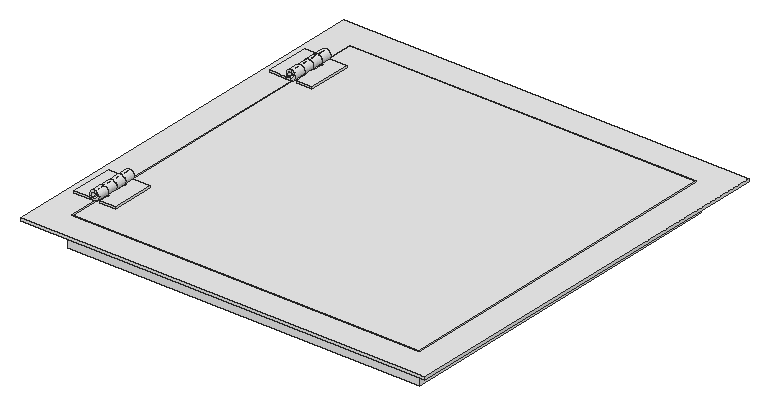
Revit family "Door-Access-Best Access Doors-High_Security-All_Surface_Types-BA-HSS", category Specialty Equipment, host Face, Revit 2017
Family settings
  Host = Face
  Round Connector Dimension = Use Diameter
  Part Type = Normal
  OmniClass Number = 23.30.10.27.17
  Cut with Voids When Loaded = No
  Shared = No
  Room Calculation Point = No
Parameters (values of type "Not a Type - Load Type Catalog")
  Width Actual = Door Width Calc + 4"  # 28"
  URL = "http://www.bestaccessdoors.com"
  Product data url = "https://bimobject.com/best-access-doors/product/high-security-access-panel-access-door-drywall"
  Product Page URL = ""
  Product Documentation Link = ""
  Model = "BA-HSS"  # constant formula
  Material = ""
  Manufacturer = "Best Access Doors"  # constant formula
  Height Actual = Door Height Calc + 4"  # 28"
  Frame Depth = 1 13/16"  # constant formula
  Finish = Metal - Best Access Doors - Powder Coated White
  Door Width Calc = if(Door Width < 12", 12", if(Door Width > 36", 36", Door Width))  # 24"
  Door Width = 24"
  Door Open [instance] = no
  Door Height Calc = if(Door Height < 12", 12", if(Door Height > 36", 36", Door Height))  # 24"
  Door Height = 24"
  Door Closed [instance] = not(Door Open)  # yes
  Description = "High security access door for all surface types"  # constant formula
  Default Elevation = 0"
  Cut Out Length [instance] = 3"
  Construction Material = Metal - Best Access Doors - Aluminum
  C Cut Out Length [instance] = if(Cut Out Length < Frame Depth, Frame Depth, Cut Out Length)  # 3"
  Available Options = ""
  Assembly Code = "C1020700"
Reference planes (in)
  plane 1 "Center (Front/Back)": y = 0
  plane 2: z = 0
  plane 3 "Center (Left/Right)": x = 0.60877
  plane 4: z = -3
  plane 5: x = -11.39123
  plane 6: y = 12
  plane 7: x = 12.60877
  plane 8: y = -12
  plane 9: z = -1.8125
  plane 10: z = 0.51234
  plane 11: x = -11.44222
Forms (in)
  Extrusion 1, void
    sketch origin (0, 0, 0) x (1, 0, 0) y (0, 1, 0)
      loop
        line (-11.39123, 12) -> (-11.39123, -12) -> (12.60877, -12) -> (12.60877, 12) -> (-11.39123, 12)
    from 0 to -3
Lines and regions (in)
  reference lines
    curve 1: line (-11.44222, 0, 0.51234) -> (-11.41037, 0, 0.51234)
    curve 2: line (-11.44222, 0, 0.51234) -> (-11.44222, 0, 0.47908)
  symbolic lines, detail levels coarse
    curve 3: line (-11.39123, 12, 0) -> (12.60877, 12, 0)
    curve 4: line (-11.39123, -12, 0) -> (-11.39123, 12, 0)
    curve 5: line (12.60877, -12, 0) -> (-11.39123, -12, 0)
    curve 6: line (12.60877, 12, 0) -> (12.60877, -12, 0)
Dimensions and locks (in)
  "C Cut Out Length": plane 2 to plane 4
  equal spacing: plane 5, plane 3 "Center (Left/Right)", plane 7
  "Door Width Calc": plane 5 to plane 7
  equal spacing: plane 8, plane 1 "Center (Front/Back)", plane 6
  "Door Height Calc": plane 8 to plane 6
  "Frame Depth": level to plane 9
  locked: plane 10 to level at 0.51234
  locked: plane 5 to plane 11 at 0.05099
  aligned and locked: plane 2 to host face
  aligned and locked: level to host face
  aligned and locked: Extrusion 1 sketch curve to plane 6
  aligned and locked: plane 7 to Extrusion 1 sketch curve
  aligned and locked: Extrusion 1 sketch curve to plane 8
  aligned and locked: plane 5 to Extrusion 1 sketch curve
  aligned and locked: plane 4 to Extrusion 1
  aligned and locked: plane 3 "Center (Left/Right)" to nested 1
  aligned and locked: plane 1 "Center (Front/Back)" to nested 1
  aligned and locked: nested 2 to curve 1
  aligned and locked: plane 10 to nested 2
  aligned and locked: plane 11 to nested 2
  aligned and locked: plane 1 "Center (Front/Back)" to nested 2
  aligned and locked: plane 10 to nested 3
  aligned and locked: nested 3 to plane 11
  aligned and locked: plane 1 "Center (Front/Back)" to nested 3
  aligned and locked: curve 5 to plane 8
  aligned and locked: plane 7 to curve 6
  aligned and locked: curve 3 to plane 6
  aligned and locked: plane 5 to curve 4
Automatic sketch dimensions
  host sketch curve to host sketch curve = 96"  (x2)
  curve 2 to plane 10 = 0"
  plane 11 to curve 2 = 0"
  curve 1 to plane 5 = 0.01913"
  plane 10 to curve 2 = 0.03326"
Nested families (in)
  nested 1: "1-Frame_Base" at (0.60877, 0, 0), type "1-Frame_Base"
  nested 2: "1-Door_Base" at (0.38886, 0, 0.04684), visible <- "Door Closed", type "1-Door_Base"
  nested 3: "1-Door_Base" at (-10.97672, 0, 12.34342) x (0, 0, 1) z (-1, 0, 0), visible <- "Door Open", type "1-Door_Base"
Definition of nested family "1-Frame_Base"
  Parameters (values of type "1-Frame_Base")
    Frame Width = 28"
    Frame Height = 28"
    Finish = none
    Assembly Code = ""
  Reference planes (in)
    plane 1 "Center (Front/Back)": y = 0
    plane 2: z = 0
    plane 3 "Center (Left/Right)": x = 0
    plane 4: x = -14
    plane 5: x = 14
    plane 6: y = 14
    plane 7: y = -14
    plane 8: x = -10.936
    plane 9: y = 10.936
    plane 10: x = 10.936
    plane 11: y = -10.936
    plane 12: y = 7
    plane 13: y = 7.75
    plane 14: y = 8.5
    plane 15: y = 9.25
    plane 16: y = 10
    plane 17: x = -13.5
    plane 18: x = -12.413
    plane 19: y = 12
    plane 20: x = -12
    plane 21: y = -10
    plane 22: y = -7
    plane 23: y = -7.75
    plane 24: y = -9.25
    plane 25: y = -8.5
    plane 26: y = -12
    plane 27: x = 12
    plane 28: z = -1.813
    plane 29: z = 0.8369
    plane 30: x = -11.72591
  Forms (in)
    Extrusion 1, solid, material <- "Finish", detail levels fine
      sketch origin (0, 0, 0) x (1, 0, 0) y (0, 1, 0)
        loop
          line (-14, 14) -> (-14, -14) -> (14, -14) -> (14, 14) -> (-14, 14)
        loop
          line (12, 12) -> (-12, 12) -> (-12, -12) -> (12, -12) -> (12, 12)
      from 0 to 0.187
    Extrusion 2, solid, material <- "Finish", detail levels fine
      sketch origin (0, 0, 0) x (1, 0, 0) y (0, 1, 0)
        loop
          line (-13.5, -7) -> (-13.5, -10) -> (-12.413, -10) -> (-12.413, -7) -> (-13.5, -7)
      from 0.187 to 0.31209
    Extrusion 3, solid, material <- "Finish", detail levels fine
      sketch origin (0, 0, 0) x (1, 0, 0) y (0, 0, 1)
        loop
          line (-12.413, 0.31209) -> (-12.413, 0.187) -> (-12.0506, 0.187)
          arc (-12.0506, 0.187) -> (-11.90841, 0.80401) -> (-12.30708, 0.31209) r 0.32495
          line (-12.30708, 0.31209) -> (-12.413, 0.31209)
        loop
          arc (-12.05099, 0.31209) -> (-11.97446, 0.6974) -> (-12.19242, 0.37058) r 0.20025
          line (-12.19242, 0.37058) -> (-12.25091, 0.31209) -> (-12.05099, 0.31209)
      from 9.25 to 10
    Extrusion 4, solid, material <- "Finish", detail levels fine
      sketch origin (0, 0, 0) x (1, 0, 0) y (0, 0, 1)
        loop
          line (-12.413, 0.31209) -> (-12.413, 0.187) -> (-12.0506, 0.187)
          arc (-12.0506, 0.187) -> (-11.90841, 0.80401) -> (-12.30708, 0.31209) r 0.32495
          line (-12.30708, 0.31209) -> (-12.413, 0.31209)
        loop
          arc (-12.05099, 0.31209) -> (-11.97446, 0.6974) -> (-12.19242, 0.37058) r 0.20025
          line (-12.19242, 0.37058) -> (-12.25091, 0.31209) -> (-12.05099, 0.31209)
      from 7.75 to 8.5
    Extrusion 5, solid, material <- "Finish", detail levels fine
      sketch origin (0, 0, 0) x (1, 0, 0) y (0, 1, 0)
        loop
          line (-13.5, 10) -> (-13.5, 7) -> (-12.413, 7) -> (-12.413, 10) -> (-13.5, 10)
      from 0.187 to 0.31209
    Extrusion 6, solid, material <- "Finish", detail levels fine
      sketch origin (0, 0, 0) x (1, 0, 0) y (0, 0, 1)
        loop
          line (-12.413, 0.31209) -> (-12.413, 0.187) -> (-12.0506, 0.187)
          arc (-12.0506, 0.187) -> (-11.90841, 0.80401) -> (-12.30708, 0.31209) r 0.32495
          line (-12.30708, 0.31209) -> (-12.413, 0.31209)
        loop
          arc (-12.05099, 0.31209) -> (-11.97446, 0.6974) -> (-12.19242, 0.37058) r 0.20025
          line (-12.19242, 0.37058) -> (-12.25091, 0.31209) -> (-12.05099, 0.31209)
      from -7.75 to -7
    Extrusion 7, solid, material <- "Finish", detail levels fine
      sketch origin (0, 0, 0) x (1, 0, 0) y (0, 0, 1)
        loop
          line (-12.413, 0.31209) -> (-12.413, 0.187) -> (-12.0506, 0.187)
          arc (-12.0506, 0.187) -> (-11.90841, 0.80401) -> (-12.30708, 0.31209) r 0.32495
          line (-12.30708, 0.31209) -> (-12.413, 0.31209)
        loop
          arc (-12.05099, 0.31209) -> (-11.97446, 0.6974) -> (-12.19242, 0.37058) r 0.20025
          line (-12.19242, 0.37058) -> (-12.25091, 0.31209) -> (-12.05099, 0.31209)
      from -9.25 to -8.5
    Extrusion 8, solid, material <- "Finish", detail levels fine
      sketch origin (0, 0, 0) x (1, 0, 0) y (0, 0, 1)
        loop
          line (-11.87499, -0.954) -> (-11.87499, -0.08733) -> (-11.00036, -0.08733) -> (-11.00036, 0.04595) -> (-11.86699, 0.04595)
          arc (-11.86699, 0.04595) -> (-11.96104, 0.00699) -> (-12, -0.08707) r 0.13301
          line (-12, -0.08707) -> (-12, -0.954) -> (-11.87499, -0.954)
      from -12 to 10.936
    Extrusion 9, solid, material <- "Finish", detail levels fine
      sketch origin (0, 0, 0) x (-1, 0, 0) y (0, 0, -1)
        loop
          line (-11.87499, 0.954) -> (-12, 0.954) -> (-12, 0.08707)
          arc (-12, 0.08707) -> (-11.96104, -0.00699) -> (-11.86699, -0.04595) r 0.13301
          line (-11.86699, -0.04595) -> (-11.00036, -0.04595) -> (-11.00036, 0.08733) -> (-11.87499, 0.08733) -> (-11.87499, 0.954)
      from -10.936 to 12
    Extrusion 10, solid, material <- "Finish", detail levels fine
      sketch origin (-0.21882, 0, 0) x (0, -1, 0) y (0, 0, -1)
        loop
          line (-11.87499, 0.954) -> (-12, 0.954) -> (-12, 0.08707)
          arc (-12, 0.08707) -> (-11.96104, -0.00699) -> (-11.86699, -0.04595) r 0.13301
          line (-11.86699, -0.04595) -> (-11.00036, -0.04595) -> (-11.00036, 0.08733) -> (-11.87499, 0.08733) -> (-11.87499, 0.954)
      from -10.71718 to 12.21882
    Extrusion 11, solid, material <- "Finish", detail levels fine
      sketch origin (-0.21882, 0, 0) x (0, 1, 0) y (0, 0, 1)
        loop
          line (-11.87499, -0.954) -> (-11.87499, -0.08733) -> (-11.00036, -0.08733) -> (-11.00036, 0.04595) -> (-11.86699, 0.04595)
          arc (-11.86699, 0.04595) -> (-11.96104, 0.00699) -> (-12, -0.08707) r 0.13301
          line (-12, -0.08707) -> (-12, -0.954) -> (-11.87499, -0.954)
      from -11.78118 to 11.15482
    Extrusion 12, solid, material <- "Finish", detail levels fine
      sketch origin (0, 0, 0) x (1, 0, 0) y (0, 1, 0)
        loop
          line (-12.187, -12.187) -> (12.187, -12.187) -> (12.187, 12.187) -> (-12.187, 12.187) -> (-12.187, -12.187)
        loop
          line (12, 12) -> (-12, 12) -> (-12, -12) -> (12, -12) -> (12, 12)
      from -1.813 to 0
    Extrusion 13, solid, material <- "Finish", detail levels coarse+medium
      sketch origin (0, 0, 0) x (1, 0, 0) y (0, 1, 0)
        loop
          line (-14, 14) -> (-14, -14) -> (14, -14) -> (14, 14) -> (-14, 14)
      from -1.813 to 0.8369
  Cuts and joins
    joined: Extrusion 1, Extrusion 2, Extrusion 5, Extrusion 8, Extrusion 11, Extrusion 12
  Lines and regions (in)
    Masking region 1, detail levels coarse
      outline origin (0, 0, 0) x (1, 0, 0) y (0, 1, 0)
        loop
          line (14, 14) -> (-14, 14) -> (-14, -14) -> (14, -14) -> (14, 14)
    Masking region 2, detail levels coarse
      outline origin (0, 0, 0) x (1, 0, 0) y (0, 0, 1)
        loop
          line (14, 0.8369) -> (-14, 0.8369) -> (-14, -1.813) -> (14, -1.813) -> (14, 0.8369)
    Masking region 3, detail levels medium+fine
      outline origin (0, 0, 0) x (1, 0, 0) y (0, 0, 1)
        loop
          line (-12.187, -1.813) -> (12.187, -1.813) -> (12.187, 0) -> (14, 0) -> (14, 0.187) -> (-12.05086, 0.187)
          arc (-12.05086, 0.187) -> (-11.90829, 0.80395) -> (-12.30708, 0.31209) r 0.32495
          line (-12.30708, 0.31209) -> (-12.413, 0.31209) -> (-13.5, 0.31209) -> (-13.5, 0.187) -> (-14, 0.187) -> (-14, 0) -> (-12.187, 0) -> (-12.187, -1.813)
    Masking region 4, detail levels coarse
      outline origin (0, 0, 0) x (0, 1, 0) y (0, 0, 1)
        loop
          line (14, 0.8369) -> (-14, 0.8369) -> (-14, -1.813) -> (14, -1.813) -> (14, 0.8369)
    Masking region 5, detail levels medium+fine
      outline origin (0, 0, 0) x (0, 1, 0) y (0, 0, 1)
        loop
          line (-12.187, -1.813) -> (12.187, -1.813) -> (12.187, 0) -> (14, 0) -> (14, 0.187) -> (10, 0.187) -> (10, 0.31209) -> (9.25, 0.31209) -> (9.25, 0.8369) -> (8.5, 0.8369) -> (8.5, 0.31209) -> (7.75, 0.31209) -> (7.75, 0.8369) -> (7, 0.8369) -> (7, 0.187) -> (-7, 0.187) -> (-7, 0.31209) -> (-7.75, 0.31209) -> (-7.75, 0.8369) -> (-8.5, 0.8369) -> (-8.5, 0.31209) -> (-9.25, 0.31209) -> (-9.25, 0.8369) -> (-10, 0.8369) -> (-10, 0.187) -> (-14, 0.187) -> (-14, 0) -> (-12.187, 0) -> (-12.187, -1.813)
    Masking region 6, detail levels medium+fine
      outline origin (0, 0, 0) x (1, 0, 0) y (0, 1, 0)
        loop
          line (14, 14) -> (-14, 14) -> (-14, -14) -> (14, -14) -> (14, 14)
        loop
          line (-12, -7) -> (-12.413, -7) -> (-12.413, -7.75) -> (-11.72591, -7.75) -> (-11.72591, -8.5) -> (-12.413, -8.5) -> (-12.413, -9.25) -> (-11.72591, -9.25) -> (-11.72591, -10) -> (-12, -10) -> (-12, -12) -> (12, -12) -> (12, 12) -> (-12, 12) -> (-12, 10) -> (-12.413, 10) -> (-12.413, 9.25) -> (-11.72591, 9.25) -> (-11.72591, 8.5) -> (-12.413, 8.5) -> (-12.413, 7.75) -> (-11.72591, 7.75) -> (-11.72591, 7) -> (-12, 7) -> (-12, -7)
    symbolic lines, detail levels medium+fine
      curve 1: line (-14, 0, 0) -> (14, 0, 0)
      curve 2: arc (-12.19242, 0, 0.37058) -> (-11.97446, 0, 0.6974) -> (-12.05099, 0, 0.31209) r 0.20025
      curve 3: line (-12.05099, 0, 0.31209) -> (-12.25091, 0, 0.31209)
      curve 4: line (-12.25091, 0, 0.31209) -> (-12.19242, 0, 0.37058)
      curve 5: line (14, 0, 0.187) -> (-14, 0, 0.187)
      curve 14: line (-11.72591, 9.25, 0) -> (-12.413, 9.25, 0)
      curve 15: line (-12.413, 9.25, 0) -> (-12.413, 10, 0)
      curve 16: line (-12.413, 10, 0) -> (-13.5, 10, 0)
      curve 17: line (-13.5, 10, 0) -> (-13.5, 7, 0)
      curve 18: line (-13.5, 7, 0) -> (-11.72591, 7, 0)
      curve 19: line (-11.72591, 7, 0) -> (-11.72591, 7.75, 0)
      curve 20: line (-11.72591, 7.75, 0) -> (-12.413, 7.75, 0)
      curve 21: line (-12.413, 7.75, 0) -> (-12.413, 8.5, 0)
      curve 22: line (-12.413, 8.5, 0) -> (-11.72591, 8.5, 0)
      curve 23: line (-11.72591, 8.5, 0) -> (-11.72591, 9.25, 0)
      curve 24: line (-12.413, -7, 0) -> (-13.5, -7, 0)
      curve 25: line (-13.5, -7, 0) -> (-13.5, -10, 0)
      curve 26: line (-13.5, -10, 0) -> (-11.72591, -10, 0)
      curve 27: line (-11.72591, -10, 0) -> (-11.72591, -9.25, 0)
      curve 28: line (-11.72591, -9.25, 0) -> (-12.413, -9.25, 0)
      curve 29: line (-12.413, -9.25, 0) -> (-12.413, -8.5, 0)
      curve 30: line (-12.413, -8.5, 0) -> (-11.72591, -8.5, 0)
      curve 31: line (-11.72591, -8.5, 0) -> (-11.72591, -7.75, 0)
      curve 32: line (-11.72591, -7.75, 0) -> (-12.413, -7.75, 0)
      curve 33: line (-12.413, -7.75, 0) -> (-12.413, -7, 0)
    symbolic lines, detail levels fine
      curve 6: line (0, -14, 0) -> (0, 14, 0)
      curve 7: line (0, 10, 0.31209) -> (0, 7, 0.31209)
      curve 8: line (0, 14, 0.187) -> (0, -14, 0.187)
      curve 9: line (0, 8.5, 0.37058) -> (0, 9.25, 0.37058)
      curve 10: line (0, 7, 0.37058) -> (0, 7.75, 0.37058)
      curve 11: line (0, -7, 0.31209) -> (0, -10, 0.31209)
      curve 12: line (0, -8.5, 0.37058) -> (0, -7.75, 0.37058)
      curve 13: line (0, -10, 0.37058) -> (0, -9.25, 0.37058)
  Dimensions and locks (in)
    equal spacing: plane 4, plane 3 "Center (Left/Right)", plane 5
    equal spacing: plane 6, plane 1 "Center (Front/Back)", plane 7
    "Frame Height": plane 6 to plane 7
    "Frame Width": plane 4 to plane 5
    locked: plane 7 to plane 11 at 3.064
    locked: plane 10 to plane 5 at 3.064
    locked: plane 6 to plane 9 at 3.064
    locked: plane 4 to plane 8 at 3.064
    plane 12 to plane 13 to plane 14 to plane 15 to plane 16 to plane 6 = 3/4" locked, 3/4" locked, 3/4" locked, 3/4" locked, 4" locked
    locked: plane 19 to plane 6 at 2
    locked: plane 4 to plane 20 at 2
    plane 7 to plane 21 to plane 24 to plane 25 to plane 23 to plane 22 = 4" locked, 3/4" locked, 3/4" locked, 3/4" locked, 3/4" locked
    plane 4 to plane 17 to plane 18 = 1/2" locked, 1.087" locked
    locked: plane 26 to plane 7 at 2
    locked: plane 27 to plane 5 at 2
    locked: plane 4 to plane 30 at 2.27409
    aligned and locked: level to plane 2
    aligned and locked: Extrusion 1 sketch curve to plane 6
    aligned and locked: plane 5 to Extrusion 1 sketch curve
    aligned and locked: plane 7 to Extrusion 1 sketch curve
    aligned and locked: plane 4 to Extrusion 1 sketch curve
    aligned and locked: Extrusion 3 to Extrusion 2
    aligned and locked: Extrusion 4 to Extrusion 2
    aligned and locked: Extrusion 6 to cut or joined group of Extrusion 1, Extrusion 2, Extrusion 5, Extrusion 8, Extrusion 11, Extrusion 12
    aligned and locked: Extrusion 7 to cut or joined group of Extrusion 1, Extrusion 2, Extrusion 5, Extrusion 8, Extrusion 11, Extrusion 12
    aligned and locked: cut or joined group of Extrusion 1, Extrusion 2, Extrusion 5, Extrusion 8, Extrusion 11, Extrusion 12 to plane 16
    aligned and locked: plane 17 to cut or joined group of Extrusion 1, Extrusion 2, Extrusion 5, Extrusion 8, Extrusion 11, Extrusion 12  (x2)
    aligned and locked: plane 12 to cut or joined group of Extrusion 1, Extrusion 2, Extrusion 5, Extrusion 8, Extrusion 11, Extrusion 12
    aligned and locked: plane 12 to Extrusion 6
    aligned and locked: Extrusion 6 to plane 13
    aligned and locked: plane 14 to Extrusion 7
    aligned and locked: Extrusion 7 to plane 15
    aligned and locked: cut or joined group of Extrusion 1, Extrusion 2, Extrusion 5, Extrusion 8, Extrusion 11, Extrusion 12 to plane 18
    aligned and locked: cut or joined group of Extrusion 1, Extrusion 2, Extrusion 5, Extrusion 8, Extrusion 11, Extrusion 12 to plane 19
    aligned and locked: plane 11 to cut or joined group of Extrusion 1, Extrusion 2, Extrusion 5, Extrusion 8, Extrusion 11, Extrusion 12
    aligned and locked: cut or joined group of Extrusion 1, Extrusion 2, Extrusion 5, Extrusion 8, Extrusion 11, Extrusion 12 to plane 20
    aligned and locked: cut or joined group of Extrusion 1, Extrusion 2, Extrusion 5, Extrusion 8, Extrusion 11, Extrusion 12 to plane 22
    aligned and locked: plane 21 to cut or joined group of Extrusion 1, Extrusion 2, Extrusion 5, Extrusion 8, Extrusion 11, Extrusion 12
    aligned and locked: plane 21 to Extrusion 3
    aligned and locked: Extrusion 3 to plane 24
    aligned and locked: plane 25 to Extrusion 4
    aligned and locked: Extrusion 4 to plane 23
    aligned and locked: plane 10 to cut or joined group of Extrusion 1, Extrusion 2, Extrusion 5, Extrusion 8, Extrusion 11, Extrusion 12
    aligned and locked: Extrusion 9 to plane 26
    aligned and locked: plane 9 to Extrusion 9
    aligned and locked: Extrusion 10 to plane 27
    aligned and locked: plane 8 to Extrusion 10
    aligned and locked: Extrusion 13 sketch curve to plane 6
    aligned and locked: plane 5 to Extrusion 13 sketch curve
    aligned and locked: plane 7 to Extrusion 13 sketch curve
    aligned and locked: plane 4 to Extrusion 13 sketch curve
    aligned and locked: Extrusion 13 to plane 29
    aligned and locked: plane 28 to Extrusion 13
    aligned and locked: Masking region 1 sketch curve to cut or joined group of Extrusion 1, Extrusion 2, Extrusion 5, Extrusion 8, Extrusion 11, Extrusion 12  (x4)
    aligned and locked: Masking region 2 sketch curve to Extrusion 13  (x4)
    aligned and locked: Masking region 3 sketch curve to cut or joined group of Extrusion 1, Extrusion 2, Extrusion 5, Extrusion 8, Extrusion 11, Extrusion 12  (x9)
    aligned and locked: Masking region 3 sketch curve to Extrusion 3  (x2)
    aligned and locked: curve 1 to cut or joined group of Extrusion 1, Extrusion 2, Extrusion 5, Extrusion 8, Extrusion 11, Extrusion 12
    aligned and locked: curve 2 to Extrusion 3
    aligned and locked: curve 4 to Extrusion 3
    aligned and locked: curve 5 to cut or joined group of Extrusion 1, Extrusion 2, Extrusion 5, Extrusion 8, Extrusion 11, Extrusion 12
    aligned and locked: Masking region 4 sketch curve to Extrusion 13  (x4)
    aligned and locked: Masking region 5 sketch curve to cut or joined group of Extrusion 1, Extrusion 2, Extrusion 5, Extrusion 8, Extrusion 11, Extrusion 12  (x11)
    aligned and locked: Extrusion 7 to Masking region 5 sketch curve
    aligned and locked: Masking region 5 sketch curve to Extrusion 7
    aligned and locked: Extrusion 6 to Masking region 5 sketch curve
    aligned and locked: Masking region 5 sketch curve to Extrusion 6
    aligned and locked: Extrusion 4 to Masking region 5 sketch curve
    aligned and locked: Masking region 5 sketch curve to Extrusion 4
    aligned and locked: Extrusion 3 to Masking region 5 sketch curve
    aligned and locked: Masking region 5 sketch curve to Extrusion 3
    aligned and locked: curve 6 to cut or joined group of Extrusion 1, Extrusion 2, Extrusion 5, Extrusion 8, Extrusion 11, Extrusion 12
    aligned and locked: curve 7 to cut or joined group of Extrusion 1, Extrusion 2, Extrusion 5, Extrusion 8, Extrusion 11, Extrusion 12
    aligned and locked: curve 8 to cut or joined group of Extrusion 1, Extrusion 2, Extrusion 5, Extrusion 8, Extrusion 11, Extrusion 12
    aligned and locked: curve 9 to Extrusion 7
    aligned and locked: curve 10 to Extrusion 6
    aligned and locked: curve 11 to cut or joined group of Extrusion 1, Extrusion 2, Extrusion 5, Extrusion 8, Extrusion 11, Extrusion 12
    aligned and locked: curve 12 to Extrusion 4
    aligned and locked: curve 13 to Extrusion 3
    aligned and locked: Masking region 6 sketch curve to Extrusion 13  (x4)
    aligned and locked: curve 16 to plane 16
    aligned and locked: plane 17 to curve 17
    aligned and locked: plane 12 to curve 18
    aligned and locked: curve 20 to plane 13
    aligned and locked: curve 21 to plane 18
    aligned and locked: plane 14 to curve 22
    aligned and locked: curve 14 to plane 15
    aligned and locked: curve 15 to plane 18
    aligned and locked: curve 23 to plane 30
    aligned and locked: curve 19 to plane 30
    aligned and locked: curve 24 to cut or joined group of Extrusion 1, Extrusion 2, Extrusion 5, Extrusion 8, Extrusion 11, Extrusion 12
    aligned and locked: curve 25 to cut or joined group of Extrusion 1, Extrusion 2, Extrusion 5, Extrusion 8, Extrusion 11, Extrusion 12
    aligned and locked: curve 26 to cut or joined group of Extrusion 1, Extrusion 2, Extrusion 5, Extrusion 8, Extrusion 11, Extrusion 12
    aligned and locked: curve 28 to plane 24
    aligned and locked: curve 29 to plane 18
    aligned and locked: plane 25 to curve 30
    aligned and locked: curve 32 to plane 23
    aligned and locked: curve 33 to plane 18
    aligned and locked: Masking region 6 sketch curve to curve 27
    aligned and locked: Masking region 6 sketch curve to curve 28
    aligned and locked: Masking region 6 sketch curve to curve 29
    aligned and locked: Masking region 6 sketch curve to curve 30
    aligned and locked: Masking region 6 sketch curve to curve 31
    aligned and locked: Masking region 6 sketch curve to curve 32
    aligned and locked: Masking region 6 sketch curve to curve 33
  Automatic sketch dimensions
    plane 4 to Extrusion 1 sketch curve = 2"
    plane 5 to Extrusion 1 sketch curve = 2"  (x2)
    plane 7 to Extrusion 1 sketch curve = 2"
    Extrusion 1 sketch curve to plane 6 = 2"  (x2)
    plane 4 to Extrusion 2 sketch curve = 1/2"
    Extrusion 2 sketch curve to Extrusion 2 sketch curve = 1.087"
    plane 7 to Extrusion 2 sketch curve = 4"
    Extrusion 2 sketch curve to Extrusion 2 sketch curve = 3"
    level to Extrusion 3 sketch curve = 0.31209"
    plane 4 to Extrusion 3 sketch curve = 1.587"
    Extrusion 3 sketch curve to Extrusion 3 sketch curve = 0.10592"
    Extrusion 3 sketch curve to Extrusion 3 sketch curve = 0.05617"
    level to Extrusion 3 sketch curve = 0.37058"
    Extrusion 3 sketch curve to Extrusion 3 sketch curve = 0.05849"
    Extrusion 3 sketch curve to Extrusion 3 sketch curve = 0.14143"
    Extrusion 3 sketch curve to Extrusion 3 sketch curve = 0.00013"
    Extrusion 3 sketch curve to Extrusion 3 sketch curve = 0.00039"
    Extrusion 3 sketch curve to Extrusion 3 sketch curve = 0.12509"
    Extrusion 3 sketch curve to Extrusion 3 sketch curve = 0"
    level to Extrusion 4 sketch curve = 0.31209"
    plane 4 to Extrusion 4 sketch curve = 1.587"
    Extrusion 4 sketch curve to Extrusion 4 sketch curve = 0.10592"
    Extrusion 4 sketch curve to Extrusion 4 sketch curve = 0.05617"
    level to Extrusion 4 sketch curve = 0.37058"
    Extrusion 4 sketch curve to Extrusion 4 sketch curve = 0.05849"
    Extrusion 4 sketch curve to Extrusion 4 sketch curve = 0.14143"
    Extrusion 4 sketch curve to Extrusion 4 sketch curve = 0.00013"
    Extrusion 4 sketch curve to Extrusion 4 sketch curve = 0.00039"
    Extrusion 4 sketch curve to Extrusion 4 sketch curve = 0.12509"
    Extrusion 4 sketch curve to Extrusion 4 sketch curve = 0"
    plane 4 to Extrusion 5 sketch curve = 1/2"
    Extrusion 5 sketch curve to Extrusion 5 sketch curve = 1.087"
    Extrusion 5 sketch curve to plane 1 "Center (Front/Back)" = 7"
    Extrusion 5 sketch curve to Extrusion 5 sketch curve = 3"
    level to Extrusion 6 sketch curve = 0.31209"
    plane 4 to Extrusion 6 sketch curve = 1.587"
    Extrusion 6 sketch curve to Extrusion 6 sketch curve = 0.10592"
    Extrusion 6 sketch curve to Extrusion 6 sketch curve = 0.05617"
    level to Extrusion 6 sketch curve = 0.37058"
    Extrusion 6 sketch curve to Extrusion 6 sketch curve = 0.05849"
    Extrusion 6 sketch curve to Extrusion 6 sketch curve = 0.14143"
    Extrusion 6 sketch curve to Extrusion 6 sketch curve = 0.00013"
    Extrusion 6 sketch curve to Extrusion 6 sketch curve = 0.00039"
    Extrusion 6 sketch curve to Extrusion 6 sketch curve = 0.12509"
    Extrusion 6 sketch curve to Extrusion 6 sketch curve = 0"
    level to Extrusion 7 sketch curve = 0.31209"
    plane 4 to Extrusion 7 sketch curve = 1.587"
    Extrusion 7 sketch curve to Extrusion 7 sketch curve = 0.10592"
    Extrusion 7 sketch curve to Extrusion 7 sketch curve = 0.05617"
    level to Extrusion 7 sketch curve = 0.37058"
    Extrusion 7 sketch curve to Extrusion 7 sketch curve = 0.05849"
    Extrusion 7 sketch curve to Extrusion 7 sketch curve = 0.14143"
    Extrusion 7 sketch curve to Extrusion 7 sketch curve = 0.00013"
    Extrusion 7 sketch curve to Extrusion 7 sketch curve = 0.00039"
    Extrusion 7 sketch curve to Extrusion 7 sketch curve = 0.12509"
    Extrusion 7 sketch curve to Extrusion 7 sketch curve = 0"
    plane 4 to Extrusion 8 sketch curve = 2"
    Extrusion 8 sketch curve to Extrusion 8 sketch curve = 1/8"
    Extrusion 8 sketch curve to Extrusion 8 sketch curve = 0.00801"
    Extrusion 8 sketch curve to level = 0.08733"
    Extrusion 8 sketch curve to Extrusion 8 sketch curve = 0.86663"
    Extrusion 8 sketch curve to Extrusion 8 sketch curve = 0.86667"
    Extrusion 8 sketch curve to Extrusion 8 sketch curve = 0.00026"
    Extrusion 9 sketch curve to plane 5 = 2"
    Extrusion 9 sketch curve to Extrusion 9 sketch curve = 1/8"
    Extrusion 9 sketch curve to Extrusion 9 sketch curve = 0.00801"
    level to Extrusion 9 sketch curve = 0.08733"
    Extrusion 9 sketch curve to Extrusion 9 sketch curve = 0.86663"
    Extrusion 9 sketch curve to Extrusion 9 sketch curve = 0.86667"
    Extrusion 9 sketch curve to Extrusion 9 sketch curve = 0.00026"
    Extrusion 10 sketch curve to plane 6 = 2"
    Extrusion 10 sketch curve to Extrusion 10 sketch curve = 1/8"
    Extrusion 10 sketch curve to Extrusion 10 sketch curve = 0.00801"
    Extrusion 10 sketch curve to level = 0.08733"
    Extrusion 10 sketch curve to Extrusion 10 sketch curve = 0.86663"
    Extrusion 10 sketch curve to Extrusion 10 sketch curve = 0.00026"
    Extrusion 10 sketch curve to Extrusion 10 sketch curve = 0.86694"
    plane 7 to Extrusion 11 sketch curve = 2"
    Extrusion 11 sketch curve to Extrusion 11 sketch curve = 1/8"
    Extrusion 11 sketch curve to Extrusion 11 sketch curve = 0.00801"
    Extrusion 11 sketch curve to level = 0.08733"
    Extrusion 11 sketch curve to Extrusion 11 sketch curve = 0.86663"
    Extrusion 11 sketch curve to Extrusion 11 sketch curve = 0.86667"
    Extrusion 11 sketch curve to Extrusion 11 sketch curve = 0.00026"
    plane 4 to Extrusion 12 sketch curve = 1.813"
    Extrusion 12 sketch curve to Extrusion 12 sketch curve = 0.187"  (x4)
    plane 5 to Extrusion 12 sketch curve = 2"
    plane 7 to Extrusion 12 sketch curve = 1.813"
    Extrusion 12 sketch curve to plane 6 = 2"
    plane 18 to Masking region 3 sketch curve = 0"
    Masking region 3 sketch curve to plane 18 = 0.36214"
    Masking region 3 sketch curve to Masking region 3 sketch curve = 0.187"
    Masking region 3 sketch curve to level = 0"
    curve 1 to plane 4 = 0"
    plane 5 to curve 1 = 0"
    curve 5 to plane 4 = 0"
    plane 5 to curve 5 = 0"
    Masking region 5 sketch curve to level = 0"
    plane 29 to Masking region 5 sketch curve = 0"  (x4)
    level to Masking region 5 sketch curve = 0.187"
    Masking region 5 sketch curve to Masking region 5 sketch curve = 0.12509"
    level to Masking region 5 sketch curve = 0.31209"  (x2)
    curve 6 to plane 7 = 0"
    curve 6 to plane 6 = 0"
    curve 7 to plane 12 = 0"
    curve 7 to plane 16 = 0"
    curve 8 to plane 7 = 0"
    curve 8 to plane 6 = 0"
    curve 9 to plane 14 = 0"
    curve 9 to plane 15 = 0"
    curve 10 to plane 12 = 0"
    curve 10 to plane 13 = 0"
    curve 11 to plane 21 = 0"
    curve 11 to plane 22 = 0"
    curve 12 to plane 25 = 0"
    curve 12 to plane 23 = 0"
    curve 13 to plane 21 = 0"
    curve 13 to plane 24 = 0"
    curve 26 to plane 30 = 0"
    curve 30 to plane 30 = 0"
    plane 16 to curve 16 = 0"
    plane 15 to Masking region 6 sketch curve = 0"
    Masking region 6 sketch curve to plane 18 = 0"  (x2)
    plane 14 to Masking region 6 sketch curve = 0"
    plane 19 to Masking region 6 sketch curve = 0"
    Masking region 6 sketch curve to plane 20 = 0"  (x3)
    plane 12 to Masking region 6 sketch curve = 0"
    Masking region 6 sketch curve to plane 30 = 0"  (x2)
    plane 21 to Masking region 6 sketch curve = 0"
    Masking region 6 sketch curve to plane 26 = 0"
    Masking region 6 sketch curve to plane 27 = 0"
    plane 22 to Masking region 6 sketch curve = 0"
    plane 13 to Masking region 6 sketch curve = 0"
    plane 16 to Masking region 6 sketch curve = 0"
Definition of nested family "1-Door_Base"
  Parameters (values of type "1-Door_Base")
    Finish = none
    Door Width = 24"
    Door Height = 24"
    Door Depth [instance] = 1.03057"
    Default Elevation = 48"
    Assembly Code = ""
  Reference planes (in)
    plane 1 "Center (Front/Back)": y = 0
    plane 2 "Back": z = 0
    plane 3 "Center (Left/Right)": x = 0.219
    plane 4 "Top": y = 12
    plane 5 "Bottom": y = -12
    plane 6: x = -11.781
    plane 7 "Right": x = 12.219
    plane 8: z = 0.14085
    plane 9: y = 9.99975
    plane 10: y = 6.99975
    plane 11: x = -12.15543
    plane 12: y = 7.74975
    plane 13: y = 8.49975
    plane 14: y = 9.24975
    plane 15: x = -11.469
    plane 16: y = -9.99975
    plane 17: y = -6.99975
    plane 18: y = -7.74975
    plane 19: y = -8.49975
    plane 20: y = -9.24975
    plane 21: x = -10.382
    plane 22 "Left": x = -11.83108
    plane 23: z = 0.4655
    plane 24: z = 0.79016
  Forms (in)
    Extrusion 1, solid, material <- "Finish"
      sketch origin (0, 0, 0) x (1, 0, 0) y (0, 1, 0)
        loop
          line (-11.781, 12) -> (-11.781, -12) -> (12.219, -12) -> (12.219, 12) -> (-11.781, 12)
      from 0 to 0.14085
    Extrusion 2, solid, material <- "Finish"
      sketch origin (0, 0, 0) x (1, 0, 0) y (0, 1, 0)
        loop
          line (-10.382, -6.99975) -> (-11.469, -6.99975) -> (-11.469, -9.99975) -> (-10.382, -9.99975) -> (-10.382, -6.99975)
      from 0.14076 to 0.26577
    Extrusion 3, solid, material <- "Finish"
      sketch origin (0, 0, 0) x (1, 0, 0) y (0, 0, 1)
        loop
          line (-11.469, 0.26577) -> (-11.57483, 0.26577)
          arc (-11.57483, 0.26577) -> (-11.97318, 0.75726) -> (-11.83077, 0.14085) r 0.32466
          line (-11.83077, 0.14085) -> (-11.469, 0.14085) -> (-11.469, 0.26577)
        loop
          line (-11.83108, 0.26577) -> (-11.63101, 0.26577) -> (-11.68958, 0.32434)
          arc (-11.68958, 0.32434) -> (-11.90765, 0.65097) -> (-11.83108, 0.26577) r 0.20021
      from 8.49975 to 9.24975
    Extrusion 4, solid, material <- "Finish"
      sketch origin (0, 0, 0) x (1, 0, 0) y (0, 0, 1)
        loop
          line (-11.469, 0.26577) -> (-11.57483, 0.26577)
          arc (-11.57483, 0.26577) -> (-11.97318, 0.75726) -> (-11.83077, 0.14085) r 0.32466
          line (-11.83077, 0.14085) -> (-11.469, 0.14085) -> (-11.469, 0.26577)
        loop
          line (-11.83108, 0.26577) -> (-11.63101, 0.26577) -> (-11.68958, 0.32434)
          arc (-11.68958, 0.32434) -> (-11.90765, 0.65097) -> (-11.83108, 0.26577) r 0.20021
      from 6.99975 to 7.74975
    Extrusion 5, solid, material <- "Finish"
      sketch origin (0, 0, 0) x (1, 0, 0) y (0, 1, 0)
        loop
          line (-10.382, 9.99975) -> (-11.469, 9.99975) -> (-11.469, 6.99975) -> (-10.382, 6.99975) -> (-10.382, 9.99975)
      from 0.14076 to 0.26577
    Extrusion 6, solid, material <- "Finish"
      sketch origin (0, 0, 0) x (1, 0, 0) y (0, 0, 1)
        loop
          line (-11.469, 0.26577) -> (-11.57483, 0.26577)
          arc (-11.57483, 0.26577) -> (-11.97318, 0.75726) -> (-11.83077, 0.14085) r 0.32466
          line (-11.83077, 0.14085) -> (-11.469, 0.14085) -> (-11.469, 0.26577)
        loop
          line (-11.83108, 0.26577) -> (-11.63101, 0.26577) -> (-11.68958, 0.32434)
          arc (-11.68958, 0.32434) -> (-11.90765, 0.65097) -> (-11.83108, 0.26577) r 0.20021
      from -8.49975 to -7.74975
    Extrusion 7, solid, material <- "Finish"
      sketch origin (0, 0, 0) x (1, 0, 0) y (0, 0, 1)
        loop
          line (-11.469, 0.26577) -> (-11.57483, 0.26577)
          arc (-11.57483, 0.26577) -> (-11.97318, 0.75726) -> (-11.83077, 0.14085) r 0.32466
          line (-11.83077, 0.14085) -> (-11.469, 0.14085) -> (-11.469, 0.26577)
        loop
          line (-11.83108, 0.26577) -> (-11.63101, 0.26577) -> (-11.68958, 0.32434)
          arc (-11.68958, 0.32434) -> (-11.90765, 0.65097) -> (-11.83108, 0.26577) r 0.20021
      from -9.99975 to -9.24975
  Cuts and joins
    joined: Extrusion 1, Extrusion 2, Extrusion 3, Extrusion 4, Extrusion 5, Extrusion 6, Extrusion 7
  Lines and regions (in)
    Masking region 1
      outline origin (0, 0, 0) x (1, 0, 0) y (0, 1, 0)
        loop
          line (12.219, 12) -> (-11.781, 12) -> (-11.781, 9.99975) -> (-12.15543, 9.99975) -> (-12.15543, 9.24975) -> (-11.781, 9.24975) -> (-11.781, 8.49975) -> (-12.15543, 8.49975) -> (-12.15543, 7.74975) -> (-11.781, 7.74975) -> (-11.781, -6.99975) -> (-12.15543, -6.99975) -> (-12.15543, -7.74975) -> (-11.781, -7.74975) -> (-11.781, -8.49975) -> (-12.15543, -8.49975) -> (-12.15543, -9.24975) -> (-11.781, -9.24975) -> (-11.781, -12) -> (12.219, -12) -> (12.219, 12)
    Masking region 2, detail levels coarse
      outline origin (0, 0, 0) x (1, 0, 0) y (0, 0, 1)
        loop
          line (-12.15543, 0.79016) -> (-12.15543, 0) -> (12.219, 0) -> (12.219, 0.79016) -> (-12.15543, 0.79016)
    Masking region 3, detail levels medium+fine
      outline origin (0, 0, 0) x (1, 0, 0) y (0, 0, 1)
        loop
          arc (-11.57483, 0.26577) -> (-11.97318, 0.75726) -> (-11.83077, 0.14085) r 0.32466
          line (-11.83077, 0.14085) -> (-11.781, 0.14085) -> (-11.781, 0) -> (12.219, 0) -> (12.219, 0.14085) -> (-10.382, 0.14085) -> (-10.382, 0.26577) -> (-11.57483, 0.26577)
    Masking region 4, detail levels coarse
      outline origin (0.219, 0, 0) x (0, 1, 0) y (0, 0, 1)
        loop
          line (12, 0.79016) -> (-12, 0.79016) -> (-12, 0) -> (12, 0) -> (12, 0.79016)
    Masking region 5, detail levels medium+fine
      outline origin (0.219, 0, 0) x (0, 1, 0) y (0, 0, 1)
        loop
          line (12, 0) -> (12, 0.14085) -> (9.99975, 0.14085) -> (9.99975, 0.79016) -> (9.24975, 0.79016) -> (9.24975, 0.26577) -> (8.49975, 0.26577) -> (8.49975, 0.79016) -> (7.74975, 0.79016) -> (7.74975, 0.26577) -> (6.99975, 0.26577) -> (6.99975, 0.14085) -> (-6.99975, 0.14085) -> (-6.99975, 0.79016) -> (-7.74975, 0.79016) -> (-7.74975, 0.26577) -> (-8.49975, 0.26577) -> (-8.49975, 0.79016) -> (-9.24975, 0.79016) -> (-9.24975, 0.26577) -> (-9.99975, 0.26577) -> (-9.99975, 0.14085) -> (-12, 0.14085) -> (-12, 0) -> (12, 0)
    symbolic lines, detail levels fine
      curve 1: line (-11.57483, 9.24975, 0) -> (-11.57483, 9.99975, 0)
      curve 2: line (-10.382, 9.99975, 0) -> (-12.15543, 9.99975, 0)
      curve 3: line (-10.382, 6.99975, 0) -> (-10.382, 9.99975, 0)
      curve 4: line (-11.469, 6.99975, 0) -> (-10.382, 6.99975, 0)
      curve 5: line (-11.469, 7.74975, 0) -> (-11.469, 6.99975, 0)
      curve 6: line (-12.15543, 7.74975, 0) -> (-11.469, 7.74975, 0)
      curve 7: line (-11.57483, 7.74975, 0) -> (-11.57483, 8.49975, 0)
      curve 8: line (-11.469, 8.49975, 0) -> (-12.15543, 8.49975, 0)
      curve 9: line (-11.469, 9.24975, 0) -> (-11.469, 8.49975, 0)
      curve 10: line (-12.15543, 9.24975, 0) -> (-11.469, 9.24975, 0)
      curve 11: line (-10.382, -9.99975, 0) -> (-10.382, -6.99975, 0)
      curve 12: line (-10.382, -6.99975, 0) -> (-12.15543, -6.99975, 0)
      curve 13: line (-11.469, -9.99975, 0) -> (-10.382, -9.99975, 0)
      curve 14: line (-11.469, -7.74975, 0) -> (-11.469, -8.49975, 0)
      curve 15: line (-12.15543, -9.24975, 0) -> (-11.469, -9.24975, 0)
      curve 16: line (-11.469, -8.49975, 0) -> (-12.15543, -8.49975, 0)
      curve 17: line (-12.15543, -7.74975, 0) -> (-11.469, -7.74975, 0)
      curve 18: line (-11.57483, -7.74975, 0) -> (-11.57483, -6.99975, 0)
      curve 19: line (-11.57483, -9.24975, 0) -> (-11.57483, -8.49975, 0)
      curve 20: line (-11.469, -9.24975, 0) -> (-11.469, -9.99975, 0)
      curve 21: arc (-11.83108, 0, 0.26577) -> (-11.90765, 0, 0.65097) -> (-11.68958, 0, 0.32434) r 0.20021
      curve 22: line (-11.63101, 0, 0.26577) -> (-11.83108, 0, 0.26577)
      curve 23: line (-11.68958, 0, 0.32434) -> (-11.63101, 0, 0.26577)
      curve 24: line (12.219, 0, 0.14085) -> (-11.781, 0, 0.14085)
      curve 25: line (0.219, 12, 0.14085) -> (0.219, -12, 0.14085)
      curve 26: line (-11.83108, 9.24975, 0.14085) -> (-11.83108, 9.24975, 0.79016)
      curve 27: line (-11.83108, 8.49975, 0.79016) -> (-11.83108, 8.49975, 0.14085)
      curve 28: line (-11.83108, 7.74975, 0.14085) -> (-11.83108, 7.74975, 0.79016)
      curve 29: line (12.219, 9.99975, 0.26577) -> (12.219, 6.99975, 0.26577)
      curve 30: line (12.219, -6.99975, 0.26577) -> (12.219, -9.99975, 0.26577)
      curve 31: line (-11.83108, -7.74975, 0.14085) -> (-11.83108, -7.74975, 0.79016)
      curve 32: line (-11.83108, -8.49975, 0.79016) -> (-11.83108, -8.49975, 0.14085)
      curve 33: line (-11.83108, -9.24975, 0.14085) -> (-11.83108, -9.24975, 0.79016)
  Dimensions and locks (in)
    equal spacing: plane 4 "Top", plane 1 "Center (Front/Back)", plane 5 "Bottom"
    "Door Height": plane 4 "Top" to plane 5 "Bottom"
    equal spacing: plane 6, plane 3 "Center (Left/Right)", plane 7 "Right"
    "Door Width": plane 6 to plane 7 "Right"
    plane 10 to plane 12 to plane 13 to plane 14 to plane 9 to plane 4 "Top" = 3/4" locked, 3/4" locked, 3/4" locked, 3/4" locked, 2.00025" locked
    plane 11 to plane 6 to plane 15 to plane 21 = 0.37443" locked, 0.312" locked, 1.087" locked
    plane 17 to plane 18 to plane 19 to plane 20 to plane 16 to plane 5 "Bottom" = 3/4" locked, 3/4" locked, 3/4" locked, 3/4" locked, 2.00025" locked
    aligned and locked: level to plane 2 "Back"
    aligned and locked: plane 4 "Top" to Extrusion 1 sketch curve
    aligned and locked: Extrusion 1 sketch curve to plane 7 "Right"
    aligned and locked: plane 5 "Bottom" to Extrusion 1 sketch curve
    aligned and locked: Extrusion 1 sketch curve to plane 6
    aligned and locked: plane 8 to Extrusion 1
    aligned and locked: plane 9 to cut or joined group of Extrusion 1, Extrusion 2, Extrusion 3, Extrusion 4, Extrusion 5, Extrusion 6, Extrusion 7  (x2)
    aligned and locked: cut or joined group of Extrusion 1, Extrusion 2, Extrusion 3, Extrusion 4, Extrusion 5, Extrusion 6, Extrusion 7 to plane 9  (x2)
    aligned and locked: plane 10 to cut or joined group of Extrusion 1, Extrusion 2, Extrusion 3, Extrusion 4, Extrusion 5, Extrusion 6, Extrusion 7
    aligned and locked: plane 12 to cut or joined group of Extrusion 1, Extrusion 2, Extrusion 3, Extrusion 4, Extrusion 5, Extrusion 6, Extrusion 7
    aligned and locked: cut or joined group of Extrusion 1, Extrusion 2, Extrusion 3, Extrusion 4, Extrusion 5, Extrusion 6, Extrusion 7 to plane 13
    aligned and locked: plane 14 to cut or joined group of Extrusion 1, Extrusion 2, Extrusion 3, Extrusion 4, Extrusion 5, Extrusion 6, Extrusion 7
    aligned and locked: plane 15 to cut or joined group of Extrusion 1, Extrusion 2, Extrusion 3, Extrusion 4, Extrusion 5, Extrusion 6, Extrusion 7  (x2)
    aligned and locked: cut or joined group of Extrusion 1, Extrusion 2, Extrusion 3, Extrusion 4, Extrusion 5, Extrusion 6, Extrusion 7 to plane 21  (x2)
    aligned and locked: plane 16 to cut or joined group of Extrusion 1, Extrusion 2, Extrusion 3, Extrusion 4, Extrusion 5, Extrusion 6, Extrusion 7
    aligned and locked: cut or joined group of Extrusion 1, Extrusion 2, Extrusion 3, Extrusion 4, Extrusion 5, Extrusion 6, Extrusion 7 to plane 20
    aligned and locked: plane 19 to cut or joined group of Extrusion 1, Extrusion 2, Extrusion 3, Extrusion 4, Extrusion 5, Extrusion 6, Extrusion 7
    aligned and locked: cut or joined group of Extrusion 1, Extrusion 2, Extrusion 3, Extrusion 4, Extrusion 5, Extrusion 6, Extrusion 7 to plane 18
    aligned and locked: plane 17 to cut or joined group of Extrusion 1, Extrusion 2, Extrusion 3, Extrusion 4, Extrusion 5, Extrusion 6, Extrusion 7  (x3)
    aligned and locked: cut or joined group of Extrusion 1, Extrusion 2, Extrusion 3, Extrusion 4, Extrusion 5, Extrusion 6, Extrusion 7 to plane 17  (x2)
    aligned and locked: plane 18 to cut or joined group of Extrusion 1, Extrusion 2, Extrusion 3, Extrusion 4, Extrusion 5, Extrusion 6, Extrusion 7
    aligned and locked: Masking region 1 sketch curve to cut or joined group of Extrusion 1, Extrusion 2, Extrusion 3, Extrusion 4, Extrusion 5, Extrusion 6, Extrusion 7  (x8)
    aligned and locked: cut or joined group of Extrusion 1, Extrusion 2, Extrusion 3, Extrusion 4, Extrusion 5, Extrusion 6, Extrusion 7 to Masking region 1 sketch curve  (x4)
    aligned and locked: curve 2 to cut or joined group of Extrusion 1, Extrusion 2, Extrusion 3, Extrusion 4, Extrusion 5, Extrusion 6, Extrusion 7
    aligned and locked: curve 3 to cut or joined group of Extrusion 1, Extrusion 2, Extrusion 3, Extrusion 4, Extrusion 5, Extrusion 6, Extrusion 7
    aligned and locked: curve 4 to cut or joined group of Extrusion 1, Extrusion 2, Extrusion 3, Extrusion 4, Extrusion 5, Extrusion 6, Extrusion 7
    aligned and locked: cut or joined group of Extrusion 1, Extrusion 2, Extrusion 3, Extrusion 4, Extrusion 5, Extrusion 6, Extrusion 7 to curve 5
    aligned and locked: curve 6 to cut or joined group of Extrusion 1, Extrusion 2, Extrusion 3, Extrusion 4, Extrusion 5, Extrusion 6, Extrusion 7
    aligned and locked: curve 7 to cut or joined group of Extrusion 1, Extrusion 2, Extrusion 3, Extrusion 4, Extrusion 5, Extrusion 6, Extrusion 7
    aligned and locked: curve 8 to cut or joined group of Extrusion 1, Extrusion 2, Extrusion 3, Extrusion 4, Extrusion 5, Extrusion 6, Extrusion 7
    aligned and locked: curve 9 to cut or joined group of Extrusion 1, Extrusion 2, Extrusion 3, Extrusion 4, Extrusion 5, Extrusion 6, Extrusion 7
    aligned and locked: curve 11 to cut or joined group of Extrusion 1, Extrusion 2, Extrusion 3, Extrusion 4, Extrusion 5, Extrusion 6, Extrusion 7
    aligned and locked: curve 12 to cut or joined group of Extrusion 1, Extrusion 2, Extrusion 3, Extrusion 4, Extrusion 5, Extrusion 6, Extrusion 7
    aligned and locked: curve 13 to cut or joined group of Extrusion 1, Extrusion 2, Extrusion 3, Extrusion 4, Extrusion 5, Extrusion 6, Extrusion 7
    aligned and locked: curve 14 to cut or joined group of Extrusion 1, Extrusion 2, Extrusion 3, Extrusion 4, Extrusion 5, Extrusion 6, Extrusion 7
    aligned and locked: curve 15 to cut or joined group of Extrusion 1, Extrusion 2, Extrusion 3, Extrusion 4, Extrusion 5, Extrusion 6, Extrusion 7
    aligned and locked: curve 16 to cut or joined group of Extrusion 1, Extrusion 2, Extrusion 3, Extrusion 4, Extrusion 5, Extrusion 6, Extrusion 7
    aligned and locked: curve 17 to cut or joined group of Extrusion 1, Extrusion 2, Extrusion 3, Extrusion 4, Extrusion 5, Extrusion 6, Extrusion 7
    aligned and locked: curve 18 to cut or joined group of Extrusion 1, Extrusion 2, Extrusion 3, Extrusion 4, Extrusion 5, Extrusion 6, Extrusion 7
    aligned and locked: curve 19 to cut or joined group of Extrusion 1, Extrusion 2, Extrusion 3, Extrusion 4, Extrusion 5, Extrusion 6, Extrusion 7
    aligned and locked: Masking region 2 sketch curve to plane 24
    aligned and locked: Masking region 2 sketch curve to plane 11
    aligned and locked: Masking region 2 sketch curve to cut or joined group of Extrusion 1, Extrusion 2, Extrusion 3, Extrusion 4, Extrusion 5, Extrusion 6, Extrusion 7  (x2)
    aligned and locked: Masking region 3 sketch curve to cut or joined group of Extrusion 1, Extrusion 2, Extrusion 3, Extrusion 4, Extrusion 5, Extrusion 6, Extrusion 7  (x6)
    aligned and locked: cut or joined group of Extrusion 1, Extrusion 2, Extrusion 3, Extrusion 4, Extrusion 5, Extrusion 6, Extrusion 7 to Masking region 3 sketch curve
    aligned and locked: curve 21 to cut or joined group of Extrusion 1, Extrusion 2, Extrusion 3, Extrusion 4, Extrusion 5, Extrusion 6, Extrusion 7
    aligned and locked: curve 22 to cut or joined group of Extrusion 1, Extrusion 2, Extrusion 3, Extrusion 4, Extrusion 5, Extrusion 6, Extrusion 7
    aligned and locked: curve 23 to cut or joined group of Extrusion 1, Extrusion 2, Extrusion 3, Extrusion 4, Extrusion 5, Extrusion 6, Extrusion 7
    aligned and locked: curve 24 to cut or joined group of Extrusion 1, Extrusion 2, Extrusion 3, Extrusion 4, Extrusion 5, Extrusion 6, Extrusion 7
    aligned and locked: plane 24 to Masking region 4 sketch curve
    aligned and locked: Masking region 4 sketch curve to plane 4 "Top"
    aligned and locked: Masking region 4 sketch curve to cut or joined group of Extrusion 1, Extrusion 2, Extrusion 3, Extrusion 4, Extrusion 5, Extrusion 6, Extrusion 7  (x2)
    aligned and locked: Masking region 5 sketch curve to cut or joined group of Extrusion 1, Extrusion 2, Extrusion 3, Extrusion 4, Extrusion 5, Extrusion 6, Extrusion 7  (x10)
    aligned and locked: cut or joined group of Extrusion 1, Extrusion 2, Extrusion 3, Extrusion 4, Extrusion 5, Extrusion 6, Extrusion 7 to Masking region 5 sketch curve  (x4)
    aligned and locked: plane 24 to Masking region 5 sketch curve  (x4)
    aligned and locked: curve 25 to cut or joined group of Extrusion 1, Extrusion 2, Extrusion 3, Extrusion 4, Extrusion 5, Extrusion 6, Extrusion 7
    aligned and locked: curve 26 to cut or joined group of Extrusion 1, Extrusion 2, Extrusion 3, Extrusion 4, Extrusion 5, Extrusion 6, Extrusion 7
    aligned and locked: curve 27 to cut or joined group of Extrusion 1, Extrusion 2, Extrusion 3, Extrusion 4, Extrusion 5, Extrusion 6, Extrusion 7
    aligned and locked: curve 28 to cut or joined group of Extrusion 1, Extrusion 2, Extrusion 3, Extrusion 4, Extrusion 5, Extrusion 6, Extrusion 7
    aligned and locked: curve 29 to cut or joined group of Extrusion 1, Extrusion 2, Extrusion 3, Extrusion 4, Extrusion 5, Extrusion 6, Extrusion 7
    aligned and locked: curve 30 to cut or joined group of Extrusion 1, Extrusion 2, Extrusion 3, Extrusion 4, Extrusion 5, Extrusion 6, Extrusion 7
    aligned and locked: curve 31 to cut or joined group of Extrusion 1, Extrusion 2, Extrusion 3, Extrusion 4, Extrusion 5, Extrusion 6, Extrusion 7
    aligned and locked: curve 32 to cut or joined group of Extrusion 1, Extrusion 2, Extrusion 3, Extrusion 4, Extrusion 5, Extrusion 6, Extrusion 7
    aligned and locked: curve 33 to cut or joined group of Extrusion 1, Extrusion 2, Extrusion 3, Extrusion 4, Extrusion 5, Extrusion 6, Extrusion 7
  Automatic sketch dimensions
    Extrusion 2 sketch curve to plane 6 = 0.312"
    Extrusion 2 sketch curve to Extrusion 2 sketch curve = 1.087"
    plane 5 "Bottom" to Extrusion 2 sketch curve = 2.00025"
    Extrusion 2 sketch curve to Extrusion 2 sketch curve = 3"
    Extrusion 3 sketch curve to plane 8 = 0"
    plane 6 to Extrusion 3 sketch curve = 0.05008"
    plane 6 to Extrusion 3 sketch curve = 0.04977"
    Extrusion 3 sketch curve to plane 6 = 0.09142"
    Extrusion 3 sketch curve to Extrusion 3 sketch curve = 0.05857"  (x2)
    Extrusion 3 sketch curve to Extrusion 3 sketch curve = 0.05618"
    Extrusion 3 sketch curve to Extrusion 3 sketch curve = 0.10583"
    plane 8 to Extrusion 3 sketch curve = 0.12492"
    Extrusion 3 sketch curve to Extrusion 3 sketch curve = 0"
    Extrusion 4 sketch curve to plane 8 = 0"
    plane 6 to Extrusion 4 sketch curve = 0.05008"
    plane 6 to Extrusion 4 sketch curve = 0.04977"
    Extrusion 4 sketch curve to plane 6 = 0.09142"
    Extrusion 4 sketch curve to Extrusion 4 sketch curve = 0.05857"  (x2)
    Extrusion 4 sketch curve to Extrusion 4 sketch curve = 0.05618"
    Extrusion 4 sketch curve to Extrusion 4 sketch curve = 0.10583"
    plane 8 to Extrusion 4 sketch curve = 0.12492"
    Extrusion 4 sketch curve to Extrusion 4 sketch curve = 0"
    Extrusion 5 sketch curve to plane 6 = 0.312"
    Extrusion 5 sketch curve to Extrusion 5 sketch curve = 1.087"
    plane 5 "Bottom" to Extrusion 5 sketch curve = 18.99975"
    Extrusion 5 sketch curve to Extrusion 5 sketch curve = 3"
    Extrusion 6 sketch curve to plane 8 = 0"
    plane 8 to Extrusion 6 sketch curve = 0.12492"
    plane 6 to Extrusion 6 sketch curve = 0.05008"
    Extrusion 6 sketch curve to Extrusion 6 sketch curve = 0.00031"
    plane 8 to Extrusion 6 sketch curve = 0.18349"
    Extrusion 6 sketch curve to Extrusion 6 sketch curve = 0.1415"
    Extrusion 6 sketch curve to Extrusion 6 sketch curve = 0.05857"
    Extrusion 6 sketch curve to Extrusion 6 sketch curve = 0.05618"
    Extrusion 6 sketch curve to Extrusion 6 sketch curve = 0.10583"
    Extrusion 6 sketch curve to Extrusion 6 sketch curve = 0"
    Extrusion 7 sketch curve to plane 8 = 0"
    plane 8 to Extrusion 7 sketch curve = 0.12492"
    plane 6 to Extrusion 7 sketch curve = 0.05008"
    Extrusion 7 sketch curve to Extrusion 7 sketch curve = 0.00031"
    plane 8 to Extrusion 7 sketch curve = 0.18349"
    Extrusion 7 sketch curve to Extrusion 7 sketch curve = 0.1415"
    Extrusion 7 sketch curve to Extrusion 7 sketch curve = 0.05857"
    Extrusion 7 sketch curve to Extrusion 7 sketch curve = 0.05618"
    Extrusion 7 sketch curve to Extrusion 7 sketch curve = 0.10583"
    Extrusion 7 sketch curve to Extrusion 7 sketch curve = 0"
    Masking region 1 sketch curve to plane 11 = 0"  (x4)
    Masking region 1 sketch curve to plane 6 = 0"  (x4)
    curve 16 to plane 11 = 0"
    curve 10 to plane 11 = 0"
    curve 15 to plane 11 = 0"
    curve 2 to plane 11 = 0"
    curve 6 to plane 11 = 0"
    curve 12 to plane 11 = 0"
    curve 17 to plane 11 = 0"
    curve 8 to plane 11 = 0"
    plane 14 to curve 1 = 0"
    curve 6 to plane 15 = 0"
    curve 15 to plane 15 = 0"
    plane 15 to curve 1 = 0.10583"
    plane 6 to curve 24 = 0"
    curve 24 to plane 7 "Right" = 0"
    Masking region 5 sketch curve to plane 8 = 0"  (x2)
    plane 8 to Masking region 5 sketch curve = 0.12492"  (x4)
    curve 25 to plane 5 "Bottom" = 0"
    curve 25 to plane 4 "Top" = 0"
    curve 26 to plane 24 = 0"
    curve 26 to plane 8 = 0"
    curve 27 to plane 24 = 0"
    curve 27 to plane 8 = 0"
    curve 28 to plane 24 = 0"
    curve 28 to plane 8 = 0"
    curve 29 to plane 9 = 0"
    curve 29 to plane 10 = 0"
    curve 30 to plane 17 = 0"
    curve 30 to plane 16 = 0"
    curve 31 to plane 24 = 0"
    curve 31 to plane 8 = 0"
    curve 32 to plane 24 = 0"
    curve 32 to plane 8 = 0"
    curve 33 to plane 24 = 0"
    curve 33 to plane 8 = 0"
